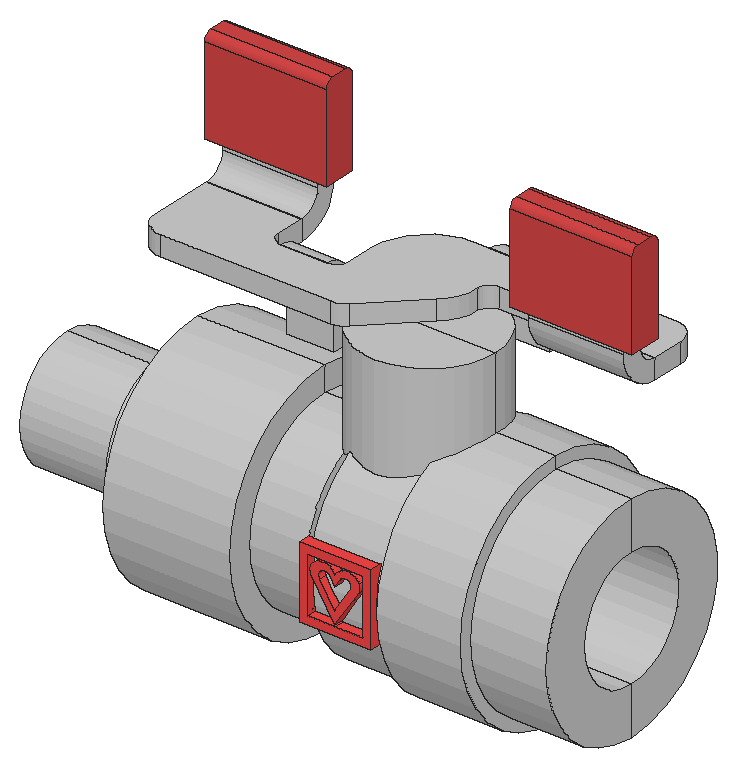
Revit family "Kugelhahn mit Knebelgriff (Blech) 2211", category Rohrzubehör, Revit 2020
Family settings
  Bemaßung runder Anschluss = Durchmesser verwenden
  Teiletyp = Unterbricht
  OmniClass-Nummer = 23.65.55.14
  OmniClass-Titel = Valves for Liquid Services
  Arbeitsebenenbasiert = Nein
  Immer vertikal = Ja
  Beim Laden mit Abzugskörper schneiden = Nein
  Gemeinsam genutzt = Nein
Parameters
  Vorgabe-Ansicht = 0.000 mm
  Min.Betriebstemperatur (Wasser) = 0.5 °C  # constant formula
  Min.Betriebstemperatur = -30 °C  # constant formula
  Max.Betriebstemperatur (Wasser - kein Dampf) = 110 °C  # constant formula
  Max.Betriebstemperatur = 150 °C  # constant formula
  Max.Betriebsdruck (Verschraubung) = 1600000.0 Pa  # constant formula
  Max.Betriebsdruck = 2500000.0 Pa  # constant formula
  W01 = 135.00°  # constant formula
  VRL02 [instance] = size_lookup("2211_3X_", "VRL2", 1.000 mm, Nennweite)  # 16.500 mm
  VRL01 [instance] = size_lookup("2211_3X_", "VRL1", 1.000 mm, Nennweite)  # 16.000 mm
  VRD02 [instance] = size_lookup("2211_3X_", "VRD2", 1.000 mm, Nennweite)  # 15.000 mm
  VRD01 [instance] = size_lookup("2211_3X_", "VRD1", 1.000 mm, Nennweite)  # 10.500 mm
  URL = "www.herz-armaturen.at"
  Spindeldichtung = "PTFE"  # constant formula
  Spindel = "Messing nach EN 12164, CW614N"  # constant formula
  SCRNSEQ = "ARM;ARM_TYP=\"ABVS\";2"
  SCRNCODE = "05;10;02"  # constant formula
  S04 [instance] = L07 + VRL01 + VRL02  # 45.600 mm
  S03 = 10.000 mm  # constant formula
  S02 [instance] = 2 * D01  # 19.050 mm
  S01 [instance] = L01 + L02 + L06  # 47.100 mm
  R01 [instance] = size_lookup("2211_3X_", "R1", 1.000 mm, Nennweite)  # 8.500 mm
  Nennweite [instance] = 15.000 mm
  Medium = "Heizungswasserqualität nach ÖNORM H 5195 oder VDI-Richtline 2035.\r\nDie Verwendung von Ethylen- oder Propylenglykol in einem Mischungsverhältnis 25 - 50% ist zulässig."
  L07 [instance] = L01 - L03  # 13.100 mm
  L06 [instance] = size_lookup("2211_3X_", "L6", 1.000 mm, Nennweite)  # 9.600 mm
  L05 [instance] = size_lookup("2211_3X_", "L5", 1.000 mm, Nennweite)  # 19.900 mm
  L04 [instance] = size_lookup("2211_3X_", "L4", 1.000 mm, Nennweite)  # 10.500 mm
  L03 [instance] = size_lookup("2211_3X_", "L3", 1.000 mm, Nennweite)  # 8.400 mm
  L02 [instance] = size_lookup("2211_3X_", "L2", 1.000 mm, Nennweite)  # 16.000 mm
  L01 [instance] = size_lookup("2211_3X_", "L1", 1.000 mm, Nennweite)  # 21.500 mm
  Kugeldichtung = "PTFE"  # constant formula
  Kugel = "geschmiedetes Messing nach EN 12165, voller Durchgang, verchromt, CW617N"  # constant formula
  Innengewinde = "nach ISO 228-1"  # constant formula
  IG [instance] = Nennweite / 2  # 7.500 mm
  Hersteller = "HERZ Armaturen Ges.m.b.H"  # constant formula
  H01 [instance] = size_lookup("2211_3X_", "H1", 1.000 mm, Nennweite)  # 24.000 mm
  Griff = "Knebelgriff rot, Stahlblech beschichtet"  # constant formula
  Gewicht [instance] = if(Nennweite = 15.000 mm, 0.23, if(Nennweite = 20.000 mm, 0.382, if(Nennweite = 25.000 mm, 0.669, if(Nennweite = 32.000 mm, 1.022, 0))))  # 0.23
  Gehäuse = "geschmiedetes Messing nach EN 12165, vernickelt, CW617N"  # constant formula
  GT1 [instance] = size_lookup("2211_3X_", "GT1", 1.000 mm, Nennweite)  # 10.000 mm
  GT [instance] = size_lookup("2211_3X_", "GT", 1.000 mm, Nennweite)  # 13.200 mm
  Einsatzbereich = "Kugelhähne werden zum Absperren von Leitungen und Anlagen verwendet.\r\nEinsatzbereiche sind Heizungs- und Kälteanlagen.\r\nDer Kugelhahn ist nicht geeignet für die Durchflussregelung und muss immer in voll geöffneter oder geschlossener Position verwendet werden."
  Dichtung (Verschraubung) DN32-DN50 = "KLINGER (Flachdichtung)"  # constant formula
  Dichtung (Verschraubung) DN15-DN25 = "EPDM (O-Ring)"  # constant formula
  DN25-DN32 [instance] = if(Nennweite = 25.000 mm, 38.000 mm, 43.000 mm)  # 43.000 mm
  DN25+DN32 [instance] = or(Nennweite = 25.000 mm, Nennweite = 32.000 mm)  # no
  DN15-DN20 [instance] = if(Nennweite = 15.000 mm, 28.000 mm, 31.000 mm)  # 28.000 mm
  DN15+DN20 [instance] = or(Nennweite = 15.000 mm, Nennweite = 20.000 mm)  # yes
  D05 [instance] = size_lookup("2211_3X_", "D5", 1.000 mm, Nennweite)  # 13.500 mm
  D04 [instance] = size_lookup("2211_3X_", "D4", 1.000 mm, Nennweite)  # 14.000 mm
  D03 [instance] = size_lookup("2211_3X_", "D3", 1.000 mm, Nennweite)  # 15.000 mm
  D02 [instance] = size_lookup("2211_3X_", "D2", 1.000 mm, Nennweite)  # 12.000 mm
  D01 [instance] = size_lookup("2211_3X_", "D1", 1.000 mm, Nennweite)  # 9.525 mm
  Bestellnummer [instance] = size_lookup("2211_3X_", "Artnr", 0, Nennweite)  # 1221131
  Außengewinde = "nach ISO 7-1"  # constant formula
  Anwendungen = "Der Kugelhahn wird in der Installation als Absperreinrichtung verwendet.\r\nAnwendungsgebiete sind Zentralheizungs- und Kälteanlagenlagen.\r\nDie Betriebsbedingungen (wie Temperatur und Druck) sollten konstant gehalten werden."
  AG [instance] = Nennweite / 2  # 7.500 mm
Reference planes
  plane 1 "Mitte (Vorne/hinten)": y = 0
  plane 2: z = 0
  plane 3 "Mitte (Links/rechts)": x = 0
Forms (mm)
  Revolve 1, solid, material "Messing, vernickelt", detail levels fine
    sketch origin (0, 0, 0) x (1, 0, 0) y (0, 0, 1)
      loop
        line (16, 13.5) -> (16, 15) -> (5.5, 15) -> (5.5, 14) -> (-3.9, 14) -> (-5.9, 12) -> (-13.1, 12) -> (-13.1, 9.525) -> (-21.5, 9.525) -> (-21.5, 0) -> (15.6, 0) -> (15.6, 7.5) -> (25.6, 7.5) -> (25.6, 13.5) -> (16, 13.5)
      axis (-21.5, 0) -> (25.6, 0)
    angle from 0 to 360
  Revolve 2, solid, material "Messing, vernickelt", detail levels fine
    sketch origin (0, 0, 0) x (1, 0, 0) y (0, 0, 1)
      loop
        line (0, 0) -> (5.522, 0) -> (5.522, 8.202) -> (8.5, 8.202) -> (8.5, 24) -> (0, 24) -> (0, 0)
      axis (0, 24) -> (0, 0)
    angle from 0 to 360
  Revolve 3, solid, material "Messing, vernickelt", detail levels fine
    sketch origin (0, 0, 0) x (1, 0, 0) y (0, 0, 1)
      loop
        line (-13.1, 9.525) -> (-13.1, 15) -> (-29.1, 15) -> (-29.1, 10.5) -> (-32.4, 10.5) -> (-32.4, 7.5) -> (-45.6, 7.5) -> (-45.6, 0) -> (-21.5, 0) -> (-21.5, 9.525) -> (-13.1, 9.525)
      axis (-45.6, 0) -> (-13.1, 0)
    angle from 0 to 360
Lines and regions (mm)
  model lines, detail levels coarse+medium
    curve 1: line (-23.55, 9.525, 0) -> (-23.55, -9.525, 0)
    curve 2: line (-23.55, -9.525, 0) -> (23.55, 9.525, 0)
    curve 3: line (23.55, 9.525, 0) -> (23.55, -9.525, 0)
    curve 4: line (23.55, -9.525, 0) -> (-23.55, 9.525, 0)
    curve 5: circle (0, 0, 0) r 9.525 normal (0, 0, 1)
    curve 6: line (-23.55, 0, 9.525) -> (-23.55, 0, -9.525)
    curve 7: line (-23.55, 0, -9.525) -> (23.55, 0, 9.525)
    curve 8: line (23.55, 0, 9.525) -> (23.55, 0, -9.525)
    curve 9: line (23.55, 0, -9.525) -> (-23.55, 0, 9.525)
    curve 10: circle (0, 0, 0) r 9.525 normal (0, -1, 0)
    curve 11: line (-23.55, 0, 9.525) -> (-33.55, 0, 9.525)
    curve 12: line (-33.55, 0, 9.525) -> (-23.55, 0, 0)
    curve 13: line (-23.55, 0, -9.525) -> (-33.55, 0, -9.525)
    curve 14: line (-33.55, 0, -9.525) -> (-23.55, 0, 0)
    curve 15: line (-23.55, 0, 0) -> (-45.6, 0, 0)
    curve 16: line (-23.55, 9.525, 0) -> (-33.55, 9.525, 0)
    curve 17: line (-33.55, 9.525, 0) -> (-23.55, 0, 0)
    curve 18: line (-23.55, -9.525, 0) -> (-33.55, -9.525, 0)
    curve 19: line (-33.55, -9.525, 0) -> (-23.55, 0, 0)
    curve 20: line (-23.55, 0, 0) -> (-45.6, 0, 0)
Dimensions and locks
  "L01": Revolve 1 sketch curve to plane 3 "Mitte (Links/rechts)"
  "L02": Revolve 1 sketch curve to plane 3 "Mitte (Links/rechts)"
  "D01": Revolve 1 sketch curve to plane 2
  "D02": Revolve 1 sketch curve to plane 2
  "L03": Revolve 1 sketch curve to Revolve 1 sketch curve
  "R01": Revolve 2 sketch curve to plane 3 "Mitte (Links/rechts)"
  "H01": Revolve 2 sketch curve to plane 2
  "D03": Revolve 1 sketch curve to plane 2
  "D04": Revolve 1 sketch curve to plane 2
  "L04": Revolve 1 sketch curve to Revolve 1 sketch curve
  "L05": Revolve 1 sketch curve to Revolve 1 sketch curve
  "IG": Revolve 1 sketch curve to Revolve 1 sketch curve
  "GT1": Revolve 1 sketch curve to Revolve 1 sketch curve
  "L06": Revolve 1 sketch curve to Revolve 1 sketch curve
  "D05": Revolve 1 sketch curve to Revolve 1 sketch curve
  "D04": nested 1 to plane 1 "Mitte (Vorne/hinten)"
  equal spacing: curve 2, plane 1 "Mitte (Vorne/hinten)", curve 4
  equal spacing: curve 4, plane 1 "Mitte (Vorne/hinten)", curve 3
  "S02": curve 4 to curve 2
  "S02": curve 3 to curve 4
  equal spacing: curve 1, plane 3 "Mitte (Links/rechts)", curve 3
  "S01": curve 1 to curve 3
  "S02": curve 9 to curve 7
  equal spacing: curve 9, plane 2, curve 7
  equal spacing: curve 8, plane 2, curve 9
  "S02": curve 8 to curve 9
  "S01": curve 6 to curve 8
  equal spacing: curve 6, plane 3 "Mitte (Links/rechts)", curve 8
  "AG": Revolve 3 sketch curve to plane 2
  "D01": Revolve 3 sketch curve to Revolve 3 sketch curve
  "L03": Revolve 3 sketch curve to Revolve 3 sketch curve
  "L07": plane 3 "Mitte (Links/rechts)" to Revolve 3 sketch curve
  "VRL01": Revolve 3 sketch curve to Revolve 3 sketch curve
  "VRL02": Revolve 3 sketch curve to Revolve 3 sketch curve
  "GT": Revolve 3 sketch curve to Revolve 3 sketch curve
  "VRD01": Revolve 3 sketch curve to level
  "VRD02": Revolve 3 sketch curve to Revolve 3 sketch curve
  "S04": plane 3 "Mitte (Links/rechts)" to curve 15
  "S03": curve 12 to curve 6
  "S03": curve 17 to curve 1
  "S04": curve 20 to plane 3 "Mitte (Links/rechts)"
  "DN15-DN20": nested 2 to plane 2
  "DN25-DN32": nested 3 to plane 2
  "S02": diameter of curve 5
  "S02": diameter of curve 10
  "W01": angle Revolve 1 sketch curve to Revolve 1 sketch curve
  aligned and locked: level to plane 2
Automatic sketch dimensions
  curve 10 to level = 0.000 mm
  curve 10 to plane 3 "Mitte (Links/rechts)" = 0.000 mm
  curve 15 to level = 0.000 mm
  curve 12 to level = 0.000 mm
  curve 13 to curve 6 = 10.000 mm
  plane 1 "Mitte (Vorne/hinten)" to curve 5 = 0.000 mm
  curve 5 to plane 3 "Mitte (Links/rechts)" = 0.000 mm
  plane 1 "Mitte (Vorne/hinten)" to curve 20 = 0.000 mm
  plane 1 "Mitte (Vorne/hinten)" to curve 19 = 0.000 mm
  curve 18 to curve 1 = 10.000 mm
  Revolve 1 sketch curve to level = 0.000 mm  (x2)
  Revolve 1 sketch curve to Revolve 1 sketch curve = 1481.630 mm
  Revolve 1 sketch curve to Revolve 1 sketch curve = 1814.648 mm
  Revolve 2 sketch curve to level = 0.000 mm
  Revolve 2 sketch curve to plane 3 "Mitte (Links/rechts)" = 0.000 mm  (x2)
  plane 3 "Mitte (Links/rechts)" to Revolve 2 sketch curve = 5.522 mm
  level to Revolve 2 sketch curve = 8.202 mm
  Revolve 2 sketch curve to Revolve 2 sketch curve = 366.045 mm
  Revolve 2 sketch curve to Revolve 2 sketch curve = 2190.315 mm
  Revolve 3 sketch curve to level = 0.000 mm  (x2)
  Revolve 3 sketch curve to Revolve 3 sketch curve = 1461.804 mm
  plane 3 "Mitte (Links/rechts)" to Revolve 3 sketch curve = 1839.148 mm
Nested families
  nested 1: "Herz-Logo-vorne" at (0, -14, 0) x (0, 1, 0) z (0, 0, 1), type "Herz-Logo-vorne", detail levels fine
  nested 2: "Knebelgriff (Blech) DN15-DN20" at (0, 0, 28), visible <- "DN15+DN20", type "Knebelgriff (Blech) DN15-DN20"
  nested 3: "Knebelgriff (Blech) DN25-DN32" at (0, 0, 43), visible <- "DN25+DN32", type "Knebelgriff (Blech) DN25-DN32"
Connectors
  piping at (6.5, 0, 0), diameter 15, driven by "Nennweite"
    settings: on Revolve 1, index 1, connector inside diameter 609.6 mm, connector length 0.000 mm, flow factor 0, pipe flow 0.0 L/s, pressure drop 0.0 Pa, fitting loss kfactor 0, connector angle 0.00°, fixture units 0, engagement length 0.000 mm, angle of deflection 0.00°, flow configuration 0, flow direction 0, fitting loss method 0, system type 7, joint type 0, gender type 0, connector reference index -1, connector utility 0, adjustable connector no, is connector primary yes, connector description ""
  piping at (-45.6, 0, 0), diameter 15, driven by "Nennweite"
    settings: on Revolve 3, index 2, connector inside diameter 609.6 mm, connector length 0.000 mm, flow factor 0, pipe flow 0.0 L/s, pressure drop 0.0 Pa, fitting loss kfactor 0, connector angle 0.00°, fixture units 0, engagement length 0.000 mm, angle of deflection 0.00°, flow configuration 0, flow direction 0, fitting loss method 0, system type 7, joint type 0, gender type 0, connector reference index -1, connector utility 0, adjustable connector no, is connector primary no, connector description ""
Definition of nested family "Herz-Logo-vorne"
  Parameters (values of type "Herz-Logo-vorne")
    Default Elevation = 0.000 mm
  Reference planes
    plane 1 "Mitte (Vorne/hinten)": y = 0
    plane 2: z = 0
    plane 3 "Mitte (Links/rechts)": x = 0
  Forms (mm)
    Extrusion 1, solid
      sketch origin (0.732, -0.018, 0.017) x (0, -1, 0) y (0, 0, 1)
        loop
          line (-0.018, -4.517) -> (4.482, -4.517) -> (4.482, 4.483) -> (-4.518, 4.483) -> (-4.518, -4.517) -> (-0.018, -4.517)
        loop
          line (-0.05, -3.48) -> (3.482, -3.48) -> (3.482, 3.483) -> (-3.518, 3.483) -> (-3.518, -3.48) -> (-0.05, -3.48)
        loop
          arc (-0.018, 2.383) -> (-1.543, 3.287) -> (-3.067, 2.383) r 1.738
          arc (-3.067, 2.383) -> (-3.191, 1.899) -> (-3.067, 1.415) r 1.009
          line (-3.067, 1.415) -> (-0.018, -3.281) -> (3.032, 1.415)
          arc (3.032, 1.415) -> (3.156, 1.899) -> (3.032, 2.383) r 1.009
          arc (3.032, 2.383) -> (1.507, 3.287) -> (-0.018, 2.383) r 1.738
        loop
          arc (1.885, 1.272) -> (2.005, 1.675) -> (1.885, 2.079) r 0.74
          arc (1.885, 2.079) -> (1.265, 2.416) -> (0.644, 2.079) r 0.74
          line (0.644, 2.079) -> (-0.018, 0.97) -> (-0.679, 2.079)
          arc (-0.679, 2.079) -> (-1.3, 2.416) -> (-1.921, 2.079) r 0.74
          arc (-1.921, 2.079) -> (-2.04, 1.675) -> (-1.921, 1.272) r 0.74
          line (-1.921, 1.272) -> (-0.018, -1.658) -> (1.885, 1.272)
      from 0 to 1.5
  Dimensions and locks
    aligned and locked: level to plane 2
Definition of nested family "Knebelgriff (Blech) DN15-DN20"
  Parameters (values of type "Knebelgriff (Blech) DN15-DN20")
    Default Elevation = 0.000 mm
  Reference planes
    plane 1 "Mitte (Vorne/hinten)": y = 0
    plane 2: z = 0
    plane 3 "Mitte (Links/rechts)": x = 0
  Forms (mm)
    Extrusion 1, solid, detail levels fine
      sketch origin (0, 0, 0) x (1, 0, 0) y (0, 1, 0)
        loop
          line (-7, 0) -> (-7, -3.8)
          arc (-7, -3.8) -> (-7.439, -4.861) -> (-8.5, -5.3) r 1.5
          line (-8.5, -5.3) -> (-14.5, -5.3)
          arc (-14.5, -5.3) -> (-15.561, -4.861) -> (-16, -3.8) r 1.5
          line (-16, -3.8) -> (-16, 0) -> (-28, 0) -> (-28, -8.1)
          arc (-28, -8.1) -> (-27.121, -10.221) -> (-25, -11.1) r 3
          line (-25, -11.1) -> (-3.453, -11.1)
          arc (-3.453, -11.1) -> (-2.496, -10.91) -> (-1.685, -10.368) r 2.5
          line (-1.685, -10.368) -> (4.443, -4.24)
          arc (4.443, -4.24) -> (5.743, -2.295) -> (6.2, 0) r 6
          arc (6.2, 0) -> (6.64, 1.06) -> (7.7, 1.499) r 1.5
          line (7.7, 1.499) -> (15.1, 1.499)
          arc (15.1, 1.499) -> (16.16, 1.06) -> (16.6, 0) r 1.5
          line (16.6, 0) -> (28.6, 0) -> (28.6, 4)
          arc (28.6, 4) -> (27.721, 6.121) -> (25.6, 7) r 3
          line (25.6, 7) -> (0, 7)
          arc (0, 7) -> (-4.95, 4.95) -> (-7, 0) r 7
      from 0 to 2.5
    Extrusion 2, solid, detail levels fine
      sketch origin (0, 0, 0) x (0, 1, 0) y (0, 0, 1)
        loop
          arc (2.5, 5) -> (1.768, 3.232) -> (0, 2.5) r 2.5
          line (0, 2.5) -> (0, 0)
          arc (0, 0) -> (3.536, 1.464) -> (5, 5) r 5
          line (5, 5) -> (5, 6) -> (2.5, 6) -> (2.5, 5)
      from -28 to -16
    Extrusion 3, solid, detail levels fine
      sketch origin (0, 5.3, 0) x (0, 1, 0) y (0, 0, 1)
        loop
          line (-7.8, 5) -> (-7.8, 6) -> (-10.3, 6) -> (-10.3, 5)
          arc (-10.3, 5) -> (-8.836, 1.464) -> (-5.3, 0) r 5
          line (-5.3, 0) -> (-5.3, 2.5)
          arc (-5.3, 2.5) -> (-7.068, 3.232) -> (-7.8, 5) r 2.5
      from 16.6 to 28.6
    Extrusion 4, solid, detail levels fine
      sketch origin (0, 0, 0) x (0, 1, 0) y (0, 0, 1)
        loop
          line (5.75, 6) -> (5.75, 17.041)
          arc (5.75, 17.041) -> (5.469, 17.719) -> (4.791, 18) r 0.959
          line (4.791, 18) -> (2.773, 18)
          arc (2.773, 18) -> (2.05, 17.7) -> (1.75, 16.977) r 1.023
          line (1.75, 16.977) -> (1.75, 6) -> (5.75, 6)
      from -29.7 to -14.3
    Extrusion 5, solid, detail levels fine
      sketch origin (0, 0, 0) x (0, 1, 0) y (0, 0, 1)
        loop
          line (-5.75, 6) -> (-1.75, 6) -> (-1.75, 17)
          arc (-1.75, 17) -> (-2.043, 17.707) -> (-2.75, 18) r 1
          line (-2.75, 18) -> (-4.75, 18)
          arc (-4.75, 18) -> (-5.457, 17.707) -> (-5.75, 17) r 1
          line (-5.75, 17) -> (-5.75, 6)
      from 30.3 to 14.9
    Extrusion 6, solid, detail levels fine
      sketch origin (0, 0, 0) x (0, 1, 0) y (0, 0, 1)
        loop
          line (9, -2) -> (9, -8) -> (11.5, -8) -> (11.5, -2)
          arc (11.5, -2) -> (10.182, 1.182) -> (7, 2.5) r 4.5
          line (7, 2.5) -> (7, 0)
          arc (7, 0) -> (8.414, -0.586) -> (9, -2) r 2
      from 8.1 to 2.1
    Extrusion 7, solid, detail levels fine
      sketch origin (0, 0, 0) x (0, 1, 0) y (0, 0, 1)
        loop
          line (-4.3, -1) -> (-4.3, -8) -> (-1.8, -8) -> (-1.8, -1)
          arc (-1.8, -1) -> (-2.825, 1.475) -> (-5.3, 2.5) r 3.5
          line (-5.3, 2.5) -> (-5.3, 0)
          arc (-5.3, 0) -> (-4.593, -0.293) -> (-4.3, -1) r 1
      from -14.5 to -8.5
  Dimensions and locks
    aligned and locked: level to plane 2
Definition of nested family "Knebelgriff (Blech) DN25-DN32"
  Parameters (values of type "Knebelgriff (Blech) DN25-DN32")
    Default Elevation = 0.000 mm
  Reference planes
    plane 1 "Mitte (Vorne/hinten)": y = 0
    plane 2: z = 0
    plane 3 "Mitte (Links/rechts)": x = 0
  Forms (mm)
    Extrusion 1, solid, detail levels fine
      sketch origin (0, 0, 0) x (1, 0, 0) y (0, 1, 0)
        loop
          arc (0, 9) -> (-6.364, 6.364) -> (-9, 0) r 9
          line (-9, 0) -> (-9, -4.1)
          arc (-9, -4.1) -> (-9.439, -5.161) -> (-10.5, -5.6) r 1.5
          line (-10.5, -5.6) -> (-20, -5.6)
          arc (-20, -5.6) -> (-21.061, -5.161) -> (-21.5, -4.1) r 1.5
          line (-21.5, -4.1) -> (-21.5, 0) -> (-39.1, 0) -> (-39.1, -10.6)
          arc (-39.1, -10.6) -> (-38.221, -12.721) -> (-36.1, -13.6) r 3
          line (-36.1, -13.6) -> (-10.5, -13.6)
          arc (-10.5, -13.6) -> (-8.037, -13.275) -> (-5.742, -12.323) r 9.5
          line (-5.742, -12.323) -> (0, -9)
          arc (0, -9) -> (2.463, -8.675) -> (4.758, -7.723) r 9.5
          line (4.758, -7.723) -> (16.029, -0.25)
          arc (16.029, -0.25) -> (16.522, 0.291) -> (16.7, 1) r 1.5
          arc (16.7, 1) -> (17.139, 2.061) -> (18.2, 2.5) r 1.5
          line (18.2, 2.5) -> (20.9, 2.5)
          arc (20.9, 2.5) -> (21.961, 2.061) -> (22.4, 1) r 1.5
          line (22.4, 1) -> (22.4, 0) -> (40, 0) -> (40, 7.5)
          arc (40, 7.5) -> (39.121, 9.621) -> (37, 10.5) r 3
          line (37, 10.5) -> (2.1, 10.5) -> (2.1, 9) -> (0, 9)
      from 0 to 3
    Extrusion 2, solid, detail levels fine
      sketch origin (0, 0, 0) x (0, 1, 0) y (0, 0, 1)
        loop
          arc (3, 6) -> (2.121, 3.879) -> (0, 3) r 3
          line (0, 3) -> (0, 0)
          arc (0, 0) -> (4.243, 1.757) -> (6, 6) r 6
          line (6, 6) -> (3, 6)
      from -39.1 to -21.5
    Extrusion 3, solid, detail levels fine
      sketch origin (0, 0, 0) x (0, 1, 0) y (0, 0, 1)
        loop
          arc (0, 3) -> (-2.121, 3.879) -> (-3, 6) r 3
          line (-3, 6) -> (-6, 6)
          arc (-6, 6) -> (-4.243, 1.757) -> (0, 0) r 6
          line (0, 0) -> (0, 3)
      from 22.4 to 40
    Extrusion 4, solid, detail levels fine
      sketch origin (0, 0, 0) x (0, 1, 0) y (0, 0, 1)
        loop
          line (7.5, 6) -> (7.5, 24.5)
          arc (7.5, 24.5) -> (7.061, 25.561) -> (6, 26) r 1.5
          line (6, 26) -> (3, 26)
          arc (3, 26) -> (1.939, 25.561) -> (1.5, 24.5) r 1.5
          line (1.5, 24.5) -> (1.5, 6) -> (7.5, 6)
      from -42.05 to -18.55
    Extrusion 5, solid, detail levels fine
      sketch origin (0, 0, 0) x (0, 1, 0) y (0, 0, 1)
        loop
          line (-7.5, 6) -> (-1.5, 6) -> (-1.5, 24.5)
          arc (-1.5, 24.5) -> (-1.939, 25.561) -> (-3, 26) r 1.5
          line (-3, 26) -> (-6, 26)
          arc (-6, 26) -> (-7.061, 25.561) -> (-7.5, 24.5) r 1.5
          line (-7.5, 24.5) -> (-7.5, 6)
      from 19.45 to 42.95
    Extrusion 6, solid, detail levels fine
      sketch origin (0, 0, 0) x (0, 1, 0) y (0, 0, 1)
        loop
          arc (14, -0.5) -> (12.975, 1.975) -> (10.5, 3) r 3.5
          line (10.5, 3) -> (10.5, 0)
          arc (10.5, 0) -> (10.854, -0.146) -> (11, -0.5) r 0.5
          line (11, -0.5) -> (11, -9) -> (14, -9) -> (14, -0.5)
      from 2.1 to 8.1
    Extrusion 7, solid, detail levels fine
      sketch origin (0, -16.1, 0) x (0, 1, 0) y (0, 0, 1)
        loop
          arc (14, -0.5) -> (12.975, 1.975) -> (10.5, 3) r 3.5
          line (10.5, 3) -> (10.5, 0)
          arc (10.5, 0) -> (10.854, -0.146) -> (11, -0.5) r 0.5
          line (11, -0.5) -> (11, -9) -> (14, -9) -> (14, -0.5)
      from -12 to -18
  Dimensions and locks
    aligned and locked: level to plane 2
